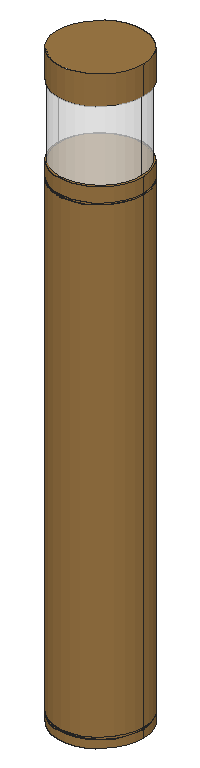
Revit family "SGB-R-LSCS", category Lighting Fixtures, host Face, Revit 2021
Family settings
  Host = Face
  Round Connector Dimension = Use Diameter
  Part Type = Normal
  OmniClass Number = 23.80.70.11.14.17
  OmniClass Title = Direct/Indirect
  Cut with Voids When Loaded = No
  Light Source = Yes
  Shared = Yes
  Room Calculation Point = No
Parameters (values of type "SGB-R-LSCS")
  Wattage = 22.3 W
  Warranty = "5 year limited"  # constant formula
  built-in parameter 1150110 = 1 (stored number, unit not read)
  Voltage Comments = "Universal Voltage 120V-277V"
  Voltage = 120 V
  Version = "2021 V 1.2"  # constant formula
  Type Comments = "Bollard Light Fixture"
  built-in parameter 1114217 = 1 (stored number, unit not read)
  Tilt Angle = 90.00°
  built-in parameter 1150109 = 1 (stored number, unit not read)
  built-in parameter 1150134 = 2
  built-in parameter 1150113 = 1 (stored number, unit not read)
  Product Page URL = "https://www.currentlighting.com/sgb-sling-round-and-square-bollards/308736"
  Product Documentation Link = "https://cdn.currentlighting.com/site/specsheet/EXO_Sling_Bollard_Spec_Sheet.pdf"
  Power Factor = 0.9
  Photometry Note = "Please load ies file listed under Photometric Web File for accurate rendering."  # constant formula
  Photometric Web Link = "https://www.currentlighting.com/sgb-sling-round-and-square-bollards/308736"
  Photometric Web File = "SGB-R-LSCS-22W-5K8.ies"
  Wattage Comments = "12.1 - 22.3 W"
  URL = "www.currentlighting.com"
  No of Poles = "1"
  Mounting = "Please Refer to the Product Spec Sheet for Mounting Options"  # constant formula
  Model = "Sling Bollard SGB-R-LSCS"
  Manufacturer Contact-us = "https://www.currentlighting.com/contact-us"
  Manufacturer Address = "701 Millenium Blvd,Greenville, SC"  # constant formula
  Manufacturer = "Current Lighting"  # constant formula
  built-in parameter 1150105 = 209.4 (stored number, unit not read)
  Lumens = 2631.4 lm
  built-in parameter 1150115 = 1 (stored number, unit not read)
  Load Classification = Lighting
  built-in parameter 1150137 = (empty or 0)
  built-in parameter 1150139 = (empty or 0)
  Lens Material Finish = White Glass
  built-in parameter 1150112 = 1 (stored number, unit not read)
  built-in parameter 1150114 = 1 (stored number, unit not read)
  Lamp = "LED"  # constant formula
  Installation and Service URL = "https://cdn.currentlighting.com/site/installationmanuals/Round_Bollard-installation_instruction_en_fr.pdf"
  built-in parameter 1150132 = (empty or 0)
  built-in parameter 1150102 = (empty or 0)
  built-in parameter 1150107 = 5000 (stored number, unit not read)
  built-in parameter 1150138 = (empty or 0)
  built-in parameter 1150106 = 2.094 (stored number, unit not read)
  Housing Material = Metal - Dark Bronze
  Features = "Commercial grade LED Bollard for use in outdoor applications such a commercial building, retail, government and educational facilities \r\nCCT Selectable: 3000K, 4000K or 5000K\r\nWattage Selectable: 12W, 16W or 22W \r\n6\" Round or 6\" Square with dark bronze finish"
  Emit from Circle Diameter = 5.50"
  Emit Shape Visible in Rendering = no
  built-in parameter 1150104 = 10.963 (stored number, unit not read)
  Distribution Patterns = "None"
  Dimming Lamp Color Temperature Shift = <None>
  Description = "Sling Round and Square Bollards featuring switchable wattage (12W, 16W, 22W) and CCT (3K, 4K, 5K). Low glare acrylic lens provides uniform distribution in a rugged die-cast aluminium housing."
  Default Elevation = 48.00"
  Copyright = "© 2022 HLI Solutions, Inc."
  Color Rendering Index = "80 CRI"
  Color Filter = 16777215
  Certifications = "Listed to UL1598 for use in wet locations, FCC Title 47 Part 1, IP65"
  built-in parameter 1114218 = 1 (stored number, unit not read)
  Available Finish Options = "Available in Dark bronze finish"  # constant formula
  built-in parameter 1150133 = 10 (stored number, unit not read)
  Assembly Code = "D5020200"
  Apparent Load = 22.3 W
  Additional Material Finish = Paint - Matte White
Reference planes (in)
  plane 1 "Center (Front/Back)": y = 13.01342
  plane 2: z = 0.0025
  plane 3 "Center (Left/Right)": x = 0
  plane 4: x = -3
  plane 5: x = 3
  plane 6: y = 10.01342
  plane 7: y = 16.01342
  plane 8: z = 42.0025
  plane 9: z = 40.0025
Forms (in)
  Extrusion 1, solid, material "Metal - Dark Bronze" <- "Housing Material"
    sketch origin (0, 0, 0) x (1, 0, 0) y (0, 1, 0)
      loop
        circle (0, 13.01342) r 3
    from 0 to 35
  Extrusion 2, solid, material "Metal - Dark Bronze" <- "Housing Material"
    sketch origin (0, 0, 38) x (1, 0, 0) y (0, 1, 0)
      loop
        circle (0, 13.01342) r 3
    from 2.0025 to 4.0025
  Extrusion 3, solid, material "White Glass" <- "Lens Material Finish"
    sketch origin (0, 0, 33) x (1, 0, 0) y (0, 1, 0)
      loop
        circle (0, 13.01342) r 2.9
    from 2 to 7.0025
  Extrusion 4, void
    sketch origin (0, 0, 0) x (1, 0, 0) y (0, 1, 0)
      loop
        circle (0, 13.01342) r 3
      loop
        circle (0, 13.01342) r 2.93214
    from 0.55 to 0.7
  Extrusion 5, void
    sketch origin (0, 0, 33.3025) x (1, 0, 0) y (0, 1, 0)
      loop
        circle (0, 13.01342) r 3
      loop
        circle (0, 13.01342) r 2.93214
    from 0.55 to 0.7
Cuts and joins
  Extrusion 4, Extrusion 5 cuts Extrusion 1
Dimensions and locks (in)
  aligned and locked: plane 2 to host face
  aligned and locked: level to host face
  aligned and locked: plane 3 "Center (Left/Right)" to imposter light
Connectors (in)
  electrical at (0, 13.01342, 0), driven by "Apparent Load", driven by "Voltage", driven by "Load Classification"
    settings: on Extrusion 1, index 1, voltage 120 V, apparent load 22.3 W, apparent load phase1 0 W, apparent load phase2 0 W, apparent load phase3 0 W, power factor 1, load classification "Lighting", number of poles 1, system type 30, power factor state 1, is connector primary yes, connector utility no, sub classification motor no, connector description "Light Fixture"
